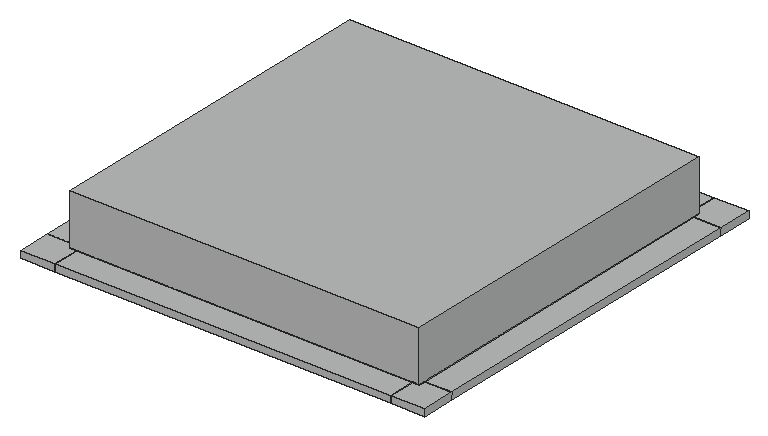
Revit family "ALUMOGIPS", category Осветительные приборы, Revit 2019 (continued)
Types (72, lengths in mm): name | Файл фотометрической сетки | built-in parameter 1150105 | Lumens | built-in parameter 1150106 | built-in parameter 1150142 | Wattage | Emit from Rectangle Width | Emit from Rectangle Length | Длина | Материал светильника | Ширина | ADSK_Ток | ADSK_Полная мощность | ADSK_Обозначение | ADSK_Номинальная мощность | ADSK_Наименование | ADSK_Масса | ADSK_Код изделия
  Alumogips-76/opal-sand 160х2305 (IP40, 4000К, белый) | "Светильник ALUMOGIPS-76 OPAL-SAND-(160x2300).IES" | 572.96 (stored number, unit not read) | 7200 lm | 5.7296 (stored number, unit not read) | "IESNA:LM-63-95\r\n[TEST] Протокол № 50-5\r\n[DATA]21.06.2016\r\n[MORE] \r\n[MANUFAC] ЗАО \"Центрстройсвет\"\r\n[LUMCAT]  Светильник ALUMOGIPS-76/OPAL-SAND-(160x2300)\r\n[LUMINAIRE]\r\n[LAMPCAT] Светодиоды\r\n[LAMP] Поток источника света (светодиодов) не известен\r\n[MORE] КСС приведена в абсолютных величинах кд\r\n[MORE] Вместо потока лампы, указан поток светильника.\r\nTILT=NONE\r\n1    7200 1.0 37 73 1 2 0.160 2.3 0.04\r\n1.0 1.0 76.6\r\n0.0 5.0 10.0 15.0 20.0 25.0 30.0 35.0 40.0 45.0 50.0 55.0 60.0 65.0 70.0 75.0 80.0 85.0 90.0 95.0 100.0 105.0 110.0 115.0 120.0 125.0 130.0 135.0 140.0 145.0 150.0 155.0 160.0 165.0 170.0 175.0 180.0\r\n0.0 5.0 10.0 15.0 20.0 25.0 30.0 35.0 40.0 45.0 50.0 55.0 60.0 65.0 70.0 75.0 80.0 85.0 90.0 95.0 100.0 105.0 110.0 115.0 120.0 125.0 130.0 135.0 140.0 145.0 150.0 155.0 160.0 165.0 170.0 175.0 180.0 185.0 190.0 195.0 200.0 205.0 210.0 215.0 220.0 225.0 230.0 235.0 240.0 245.0 250.0 255.0 260.0 265.0 270.0 275.0 280.0 285.0 290.0 295.0 300.0 305.0 310.0 315.0 320.0 325.0 330.0 335.0 340.0 345.0 350.0 355.0 360.0\r\n3405.6 3374.0 3369.6 3263.0 3188.3 3029.4 2777.5 2366.1 1845.1 1399.4 1065.5 805.3 609.9 450.2 323.1 240.5 163.0 73.4 7.8 0.0 0.0 0.0 0.0 0.0 0.0 0.0 0.0 0.0 0.0 0.0 0.0 0.0 0.0 0.0 0.0 0.0 0.0\r\n3405.6 3374.4 3379.9 3270.2 3198.2 3029.5 2790.9 2373.8 1854.9 1408.8 1072.8 809.5 619.4 453.6 327.0 242.6 164.9 74.0 8.4 0.0 0.0 0.0 0.0 0.0 0.0 0.0 0.0 0.0 0.0 0.0 0.0 0.0 0.0 0.0 0.0 0.0 0.0\r\n3405.6 3375.2 3384.5 3272.8 3199.0 3042.1 2776.0 2384.3 1886.5 1440.1 1094.4 832.2 628.9 457.0 331.8 247.4 169.1 74.3 8.8 0.0 0.0 0.0 0.0 0.0 0.0 0.0 0.0 0.0 0.0 0.0 0.0 0.0 0.0 0.0 0.0 0.0 0.0\r\n3405.6 3375.0 3385.9 3275.2 3180.8 3049.6 2793.5 2392.3 1915.8 1470.0 1127.9 857.8 642.3 462.7 335.0 254.7 174.5 74.9 9.2 0.0 0.0 0.0 0.0 0.0 0.0 0.0 0.0 0.0 0.0 0.0 0.0 0.0 0.0 0.0 0.0 0.0 0.0\r\n3405.6 3374.4 3376.0 3292.1 3177.6 3057.0 2812.9 2421.6 1960.5 1511.4 1168.9 901.6 665.7 470.6 339.0 258.2 176.2 78.1 9.6 0.0 0.0 0.0 0.0 0.0 0.0 0.0 0.0 0.0 0.0 0.0 0.0 0.0 0.0 0.0 0.0 0.0 0.0\r\n3405.6 3373.8 3358.9 3308.4 3174.1 3065.8 2824.7 2463.6 1997.6 1559.8 1217.5 938.4 690.8 482.6 342.3 252.9 177.1 79.1 10.0 0.0 0.0 0.0 0.0 0.0 0.0 0.0 0.0 0.0 0.0 0.0 0.0 0.0 0.0 0.0 0.0 0.0 0.0\r\n3405.6 3373.0 3345.2 3319.4 3197.2 3056.4 2836.9 2491.8 2046.7 1623.7 1269.0 987.0 723.9 501.1 345.5 251.9 178.8 81.4 10.7 0.0 0.0 0.0 0.0 0.0 0.0 0.0 0.0 0.0 0.0 0.0 0.0 0.0 0.0 0.0 0.0 0.0 0.0\r\n3405.6 3372.8 3343.6 3313.9 3208.1 3060.1 2841.4 2505.7 2088.6 1684.6 1324.2 1035.9 758.8 529.1 355.0 255.6 175.0 83.9 10.4 0.0 0.0 0.0 0.0 0.0 0.0 0.0 0.0 0.0 0.0 0.0 0.0 0.0 0.0 0.0 0.0 0.0 0.0\r\n3405.6 3375.3 3339.6 3304.4 3206.2 3085.6 2869.6 2552.3 2131.6 1731.3 1375.7 1080.9 800.2 556.1 372.5 257.7 168.0 87.1 10.7 0.0 0.0 0.0 0.0 0.0 0.0 0.0 0.0 0.0 0.0 0.0 0.0 0.0 0.0 0.0 0.0 0.0 0.0\r\n3405.6 3379.9 3338.3 3292.8 3199.2 3098.4 2883.0 2571.7 2179.2 1786.3 1435.5 1124.5 850.7 583.1 389.7 258.5 168.5 87.0 10.9 0.0 0.0 0.0 0.0 0.0 0.0 0.0 0.0 0.0 0.0 0.0 0.0 0.0 0.0 0.0 0.0 0.0 0.0\r\n3405.6 3384.6 3346.1 3286.5 3185.6 3081.2 2891.4 2590.2 2203.4 1830.5 1478.0 1169.5 878.2 609.2 406.7 266.0 166.9 86.8 10.1 0.0 0.0 0.0 0.0 0.0 0.0 0.0 0.0 0.0 0.0 0.0 0.0 0.0 0.0 0.0 0.0 0.0 0.0\r\n3405.6 3389.3 3362.5 3302.2 3211.6 3103.8 2908.8 2612.3 2251.7 1865.5 1519.4 1209.0 904.8 631.5 424.9 275.5 172.1 88.7 9.7 0.0 0.0 0.0 0.0 0.0 0.0 0.0 0.0 0.0 0.0 0.0 0.0 0.0 0.0 0.0 0.0 0.0 0.0\r\n3405.6 3394.3 3376.4 3293.5 3225.1 3102.4 2926.3 2644.9 2263.0 1896.0 1540.0 1225.2 919.2 646.4 442.6 292.2 179.1 88.4 9.9 0.0 0.0 0.0 0.0 0.0 0.0 0.0 0.0 0.0 0.0 0.0 0.0 0.0 0.0 0.0 0.0 0.0 0.0\r\n3405.6 3398.8 3384.9 3300.0 3226.2 3100.8 2928.0 2664.6 2289.0 1909.4 1550.4 1212.0 922.9 675.4 458.3 310.1 194.1 88.9 11.3 0.0 0.0 0.0 0.0 0.0 0.0 0.0 0.0 0.0 0.0 0.0 0.0 0.0 0.0 0.0 0.0 0.0 0.0\r\n3405.6 3403.8 3394.9 3300.1 3225.5 3082.0 2938.5 2679.7 2327.5 1917.2 1530.2 1177.9 905.7 682.8 470.6 323.4 215.2 95.6 9.9 0.0 0.0 0.0 0.0 0.0 0.0 0.0 0.0 0.0 0.0 0.0 0.0 0.0 0.0 0.0 0.0 0.0 0.0\r\n3405.6 3408.6 3386.4 3281.5 3213.7 3107.8 2945.4 2709.1 2357.5 1918.9 1499.2 1156.9 877.4 666.2 480.4 331.1 218.7 104.4 9.1 0.0 0.0 0.0 0.0 0.0 0.0 0.0 0.0 0.0 0.0 0.0 0.0 0.0 0.0 0.0 0.0 0.0 0.0\r\n3405.6 3410.6 3376.7 3285.0 3209.0 3098.5 2954.5 2719.8 2377.6 1921.2 1487.0 1128.4 854.9 640.0 464.7 329.7 219.2 105.6 11.0 0.0 0.0 0.0 0.0 0.0 0.0 0.0 0.0 0.0 0.0 0.0 0.0 0.0 0.0 0.0 0.0 0.0 0.0\r\n3405.6 3408.1 3366.0 3292.6 3209.8 3093.5 2949.2 2722.9 2395.0 1920.1 1488.3 1116.0 836.4 617.7 446.4 316.9 220.4 109.7 8.9 0.0 0.0 0.0 0.0 0.0 0.0 0.0 0.0 0.0 0.0 0.0 0.0 0.0 0.0 0.0 0.0 0.0 0.0\r\n3405.6 3402.7 3350.0 3304.7 3206.6 3058.9 2911.8 2690.5 2351.9 1903.0 1462.1 1104.8 832.1 611.9 438.5 311.8 216.6 107.1 8.8 0.0 0.0 0.0 0.0 0.0 0.0 0.0 0.0 0.0 0.0 0.0 0.0 0.0 0.0 0.0 0.0 0.0 0.0\r\n3405.6 3397.5 3348.8 3317.6 3208.2 3050.9 2880.6 2665.6 2330.9 1884.5 1458.1 1105.4 824.2 612.9 443.3 308.9 206.4 104.2 8.2 0.0 0.0 0.0 0.0 0.0 0.0 0.0 0.0 0.0 0.0 0.0 0.0 0.0 0.0 0.0 0.0 0.0 0.0\r\n3405.6 3393.4 3347.1 3314.7 3205.9 3062.3 2894.5 2664.4 2318.3 1892.3 1482.3 1121.5 836.2 626.4 450.4 309.2 202.6 99.9 7.6 0.0 0.0 0.0 0.0 0.0 0.0 0.0 0.0 0.0 0.0 0.0 0.0 0.0 0.0 0.0 0.0 0.0 0.0\r\n3405.6 3389.0 3353.8 3306.8 3191.0 3067.8 2890.7 2623.7 2273.8 1883.9 1482.8 1137.7 858.8 637.9 451.4 307.0 196.3 94.9 5.3 0.0 0.0 0.0 0.0 0.0 0.0 0.0 0.0 0.0 0.0 0.0 0.0 0.0 0.0 0.0 0.0 0.0 0.0\r\n3405.6 3385.8 3363.6 3284.5 3190.2 3052.2 2867.0 2603.7 2234.7 1868.2 1486.7 1153.6 873.6 630.9 431.5 292.6 192.4 88.6 3.7 0.0 0.1 0.0 0.0 0.0 0.0 0.0 0.0 0.0 0.0 0.0 0.0 0.0 0.0 0.0 0.0 0.0 0.0\r\n3405.6 3384.7 3368.2 3275.4 3191.3 3027.7 2848.8 2554.0 2194.9 1820.0 1488.1 1166.5 864.2 606.8 408.2 280.2 175.2 81.6 3.0 0.0 0.0 0.0 0.0 0.0 0.0 0.0 0.0 0.0 0.0 0.0 0.0 0.0 0.0 0.0 0.0 0.0 0.0\r\n3405.6 3384.8 3378.5 3286.4 3189.7 3022.3 2833.9 2516.5 2136.9 1793.4 1469.5 1158.8 841.3 573.2 384.8 263.2 159.9 79.3 2.3 0.0 0.0 0.0 0.0 0.0 0.0 0.0 0.0 0.0 0.0 0.0 0.0 0.0 0.0 0.0 0.0 0.0 0.0\r\n3405.6 3385.1 3380.7 3277.4 3186.3 3025.2 2795.8 2474.4 2098.7 1759.6 1435.7 1121.3 817.3 544.5 365.0 244.9 152.2 74.4 1.3 0.0 0.0 0.0 0.0 0.0 0.0 0.0 0.0 0.0 0.0 0.0 0.0 0.0 0.0 0.0 0.0 0.0 0.0\r\n3405.6 3385.7 3379.5 3270.4 3188.1 3012.0 2777.6 2434.0 2067.6 1704.2 1382.0 1070.1 786.0 522.6 351.5 231.7 152.4 65.6 0.6 0.0 0.0 0.0 0.0 0.0 0.0 0.0 0.0 0.0 0.0 0.0 0.0 0.0 0.0 0.0 0.0 0.0 0.0\r\n3405.6 3386.0 3376.9 3263.0 3160.9 3007.9 2751.4 2393.6 2021.0 1665.4 1317.2 1023.3 746.3 501.3 336.3 231.8 146.1 59.9 0.4 0.0 0.0 0.0 0.0 0.0 0.0 0.0 0.0 0.0 0.0 0.0 0.0 0.0 0.0 0.0 0.0 0.0 0.0\r\n3405.6 3384.9 3366.1 3253.7 3170.8 2993.7 2732.7 2368.9 1968.1 1602.0 1254.2 973.1 694.2 478.2 324.9 229.6 146.4 57.0 0.4 0.0 0.0 0.0 0.0 0.0 0.0 0.0 0.0 0.0 0.0 0.0 0.0 0.0 0.0 0.0 0.0 0.0 0.0\r\n3405.6 3382.6 3357.8 3257.4 3163.3 2994.3 2702.7 2336.5 1915.3 1530.9 1200.5 923.8 649.6 455.6 313.7 233.1 145.7 54.4 0.2 0.0 0.0 0.0 0.0 0.0 0.0 0.0 0.0 0.0 0.0 0.0 0.0 0.0 0.0 0.0 0.0 0.0 0.0\r\n3405.6 3380.7 3356.6 3258.4 3159.0 2982.6 2691.5 2294.1 1868.3 1466.2 1148.0 872.1 619.3 435.2 305.9 234.1 146.9 49.7 0.1 0.0 0.0 0.0 0.0 0.0 0.0 0.0 0.0 0.0 0.0 0.0 0.0 0.0 0.0 0.0 0.0 0.0 0.0\r\n3405.6 3380.2 3362.4 3257.2 3157.7 2959.7 2678.8 2269.4 1815.3 1403.1 1103.0 832.5 590.3 414.5 305.4 230.7 143.9 45.9 0.1 0.0 0.0 0.0 0.0 0.0 0.0 0.0 0.0 0.0 0.0 0.0 0.0 0.0 0.0 0.0 0.0 0.0 0.0\r\n3405.6 3380.5 3369.8 3257.8 3138.3 2951.0 2656.0 2239.6 1762.6 1363.8 1057.8 797.2 573.0 401.9 302.8 233.9 140.7 44.8 0.0 0.0 0.0 0.0 0.0 0.0 0.0 0.0 0.0 0.0 0.0 0.0 0.0 0.0 0.0 0.0 0.0 0.0 0.0\r\n3405.6 3379.5 3365.6 3260.4 3137.5 2949.1 2644.6 2207.8 1716.8 1327.0 1024.7 771.4 557.0 393.1 299.3 232.1 139.2 42.6 0.0 0.0 0.0 0.0 0.0 0.0 0.0 0.0 0.0 0.0 0.0 0.0 0.0 0.0 0.0 0.0 0.0 0.0 0.0\r\n3405.6 3376.0 3364.9 3251.5 3153.0 2948.3 2638.0 2188.2 1691.6 1292.8 994.4 750.2 551.7 390.4 295.1 229.1 137.2 41.5 0.0 0.0 0.0 0.0 0.0 0.0 0.0 0.0 0.0 0.0 0.0 0.0 0.0 0.0 0.0 0.0 0.0 0.0 0.0\r\n3405.6 3370.8 3357.6 3249.3 3149.7 2936.4 2617.0 2159.9 1666.8 1272.2 975.6 735.3 545.3 390.5 291.2 226.7 136.0 40.9 0.0 0.0 0.0 0.0 0.0 0.0 0.0 0.0 0.0 0.0 0.0 0.0 0.0 0.0 0.0 0.0 0.0 0.0 0.0\r\n3405.6 3367.3 3346.1 3241.8 3134.2 2934.5 2612.2 2158.6 1652.8 1266.3 962.9 724.9 539.6 390.2 293.3 227.8 135.2 40.4 0.0 0.0 0.0 0.0 0.0 0.0 0.0 0.0 0.0 0.0 0.0 0.0 0.0 0.0 0.0 0.0 0.0 0.0 0.0\r\n3405.6 3368.2 3337.0 3237.8 3138.6 2954.7 2622.9 2162.1 1655.6 1265.9 963.0 724.8 536.8 391.2 297.0 230.5 136.7 39.8 0.0 0.0 0.0 0.0 0.0 0.0 0.0 0.0 0.0 0.0 0.0 0.0 0.0 0.0 0.0 0.0 0.0 0.0 0.0\r\n3405.6 3372.2 3333.4 3246.8 3134.8 2934.1 2635.7 2167.6 1659.0 1285.6 977.2 727.6 536.3 392.1 302.7 235.0 140.3 39.7 0.0 0.0 0.0 0.0 0.0 0.0 0.0 0.0 0.0 0.0 0.0 0.0 0.0 0.0 0.0 0.0 0.0 0.0 0.0\r\n3405.6 3376.2 3321.9 3266.8 3125.0 2950.7 2642.3 2186.7 1691.6 1305.6 994.0 739.6 539.3 393.8 306.1 237.2 143.5 38.8 0.0 0.0 0.0 0.0 0.0 0.0 0.0 0.0 0.0 0.0 0.0 0.0 0.0 0.0 0.0 0.0 0.0 0.0 0.0\r\n3405.6 3379.4 3316.7 3264.5 3130.8 2944.5 2649.9 2215.4 1724.5 1336.3 1021.6 761.9 549.1 393.9 303.9 235.6 146.4 37.9 0.0 0.0 0.0 0.0 0.0 0.0 0.0 0.0 0.0 0.0 0.0 0.0 0.0 0.0 0.0 0.0 0.0 0.0 0.0\r\n3405.6 3383.0 3326.8 3246.1 3125.9 2947.4 2663.6 2233.9 1765.1 1371.0 1058.8 789.0 568.8 399.2 300.8 234.5 143.4 40.8 0.0 0.0 0.0 0.0 0.0 0.0 0.0 0.0 0.0 0.0 0.0 0.0 0.0 0.0 0.0 0.0 0.0 0.0 0.0\r\n3405.6 3386.5 3337.2 3241.5 3139.8 2952.5 2691.9 2271.1 1812.4 1412.5 1099.1 823.6 588.0 409.8 303.3 230.0 140.6 43.8 0.1 0.0 0.0 0.0 0.0 0.0 0.0 0.0 0.0 0.0 0.0 0.0 0.0 0.0 0.0 0.0 0.0 0.0 0.0\r\n3405.6 3388.5 3345.9 3222.1 3131.1 2960.1 2705.2 2312.9 1871.3 1466.1 1142.4 871.8 614.9 426.7 305.1 221.1 142.6 43.8 0.1 0.0 0.0 0.0 0.0 0.0 0.0 0.0 0.0 0.0 0.0 0.0 0.0 0.0 0.0 0.0 0.0 0.0 0.0\r\n3405.6 3389.0 3355.6 3233.4 3109.0 2966.0 2715.3 2353.2 1922.1 1520.6 1190.9 915.7 651.0 447.1 306.4 223.0 138.6 47.2 0.1 0.0 0.0 0.0 0.0 0.0 0.0 0.0 0.0 0.0 0.0 0.0 0.0 0.0 0.0 0.0 0.0 0.0 0.0\r\n3405.6 3389.3 3354.8 3251.9 3132.5 2965.2 2728.2 2393.1 1972.4 1582.9 1241.3 958.7 686.2 467.4 312.0 220.5 134.6 51.4 0.2 0.0 0.0 0.0 0.0 0.0 0.0 0.0 0.0 0.0 0.0 0.0 0.0 0.0 0.0 0.0 0.0 0.0 0.0\r\n3405.6 3389.4 3354.8 3266.4 3139.3 2973.1 2765.9 2430.8 2025.1 1635.6 1300.6 994.8 731.8 481.5 321.6 222.6 137.5 54.9 0.3 0.0 0.0 0.0 0.0 0.0 0.0 0.0 0.0 0.0 0.0 0.0 0.0 0.0 0.0 0.0 0.0 0.0 0.0\r\n3405.6 3388.8 3340.9 3260.4 3150.4 2987.7 2775.6 2458.4 2064.8 1696.3 1344.0 1038.6 756.8 499.3 332.2 230.0 143.6 58.5 0.4 0.0 0.0 0.0 0.0 0.0 0.0 0.0 0.0 0.0 0.0 0.0 0.0 0.0 0.0 0.0 0.0 0.0 0.0\r\n3405.6 3387.2 3322.6 3246.6 3126.8 2978.0 2792.4 2490.1 2122.6 1733.9 1378.4 1075.9 772.3 526.0 346.2 242.3 156.2 65.4 0.4 0.0 0.0 0.0 0.0 0.0 0.0 0.0 0.0 0.0 0.0 0.0 0.0 0.0 0.0 0.0 0.0 0.0 0.0\r\n3405.6 3383.9 3314.5 3234.8 3144.9 2988.4 2814.6 2529.8 2156.8 1772.6 1397.1 1083.5 790.8 540.3 368.4 260.2 167.1 74.2 0.8 0.0 0.0 0.0 0.0 0.0 0.0 0.0 0.0 0.0 0.0 0.0 0.0 0.0 0.0 0.0 0.0 0.0 0.0\r\n3405.6 3379.4 3310.9 3250.0 3156.3 3003.7 2817.4 2566.7 2194.6 1810.3 1409.3 1078.2 794.2 558.2 388.1 271.2 176.4 77.8 1.7 0.0 0.0 0.0 0.0 0.0 0.0 0.0 0.0 0.0 0.0 0.0 0.0 0.0 0.0 0.0 0.0 0.0 0.0\r\n3405.6 3375.3 3308.4 3270.0 3165.9 3011.6 2831.4 2587.5 2249.3 1834.2 1422.2 1057.9 777.0 567.9 398.1 276.8 185.1 81.8 2.2 0.0 0.0 0.0 0.0 0.0 0.0 0.0 0.0 0.0 0.0 0.0 0.0 0.0 0.0 0.0 0.0 0.0 0.0\r\n3405.6 3373.8 3313.7 3282.8 3148.7 3003.0 2850.3 2609.6 2283.3 1855.2 1420.9 1051.3 759.3 555.6 400.0 277.6 187.3 87.7 3.0 0.0 0.0 0.0 0.0 0.0 0.0 0.0 0.0 0.0 0.0 0.0 0.0 0.0 0.0 0.0 0.0 0.0 0.0\r\n3405.6 3375.3 3325.6 3277.7 3138.0 3009.7 2836.5 2602.2 2299.2 1863.9 1422.4 1034.9 741.8 546.2 395.1 275.0 184.8 89.1 3.7 0.0 0.0 0.0 0.0 0.0 0.0 0.0 0.0 0.0 0.0 0.0 0.0 0.0 0.0 0.0 0.0 0.0 0.0\r\n3405.6 3378.7 3333.0 3254.4 3140.4 3006.4 2816.0 2605.6 2308.4 1861.6 1416.4 1040.7 742.8 543.4 391.9 275.4 184.8 89.7 5.0 0.0 0.0 0.0 0.0 0.0 0.0 0.0 0.0 0.0 0.0 0.0 0.0 0.0 0.0 0.0 0.0 0.0 0.0\r\n3405.6 3381.8 3338.2 3252.6 3147.4 3018.7 2868.1 2644.9 2325.0 1884.7 1435.2 1041.6 753.1 552.0 396.6 279.4 191.2 93.5 7.2 0.0 0.0 0.0 0.0 0.0 0.0 0.0 0.0 0.0 0.0 0.0 0.0 0.0 0.0 0.0 0.0 0.0 0.0\r\n3405.6 3383.6 3341.0 3247.3 3160.9 3017.2 2875.2 2639.9 2319.2 1883.9 1448.4 1056.1 777.3 574.1 412.3 285.8 193.0 94.2 7.6 0.0 0.0 0.0 0.0 0.0 0.0 0.0 0.0 0.0 0.0 0.0 0.0 0.0 0.0 0.0 0.0 0.0 0.0\r\n3405.6 3385.6 3335.8 3252.4 3163.9 3026.7 2871.5 2623.0 2293.6 1872.2 1457.5 1078.2 800.0 592.4 417.5 285.6 189.6 89.8 8.5 0.0 0.0 0.0 0.0 0.0 0.0 0.0 0.0 0.0 0.0 0.0 0.0 0.0 0.0 0.0 0.0 0.0 0.0\r\n3405.6 3387.7 3330.1 3255.0 3151.5 3033.4 2858.5 2613.6 2262.7 1865.1 1462.5 1110.7 825.6 594.9 414.7 281.1 177.4 88.6 7.6 0.0 0.0 0.0 0.0 0.0 0.0 0.0 0.0 0.0 0.0 0.0 0.0 0.0 0.0 0.0 0.0 0.0 0.0\r\n3405.6 3388.5 3329.1 3265.5 3157.3 3037.6 2854.4 2610.4 2237.5 1847.7 1465.6 1129.5 840.9 593.9 397.0 267.4 172.4 85.2 7.3 0.0 0.0 0.0 0.0 0.0 0.0 0.0 0.0 0.0 0.0 0.0 0.0 0.0 0.0 0.0 0.0 0.0 0.0\r\n3405.6 3389.1 3323.8 3273.5 3158.4 3036.0 2845.8 2577.5 2210.5 1823.3 1444.2 1138.2 834.9 575.5 381.4 251.8 163.1 81.2 8.0 0.0 0.0 0.0 0.0 0.0 0.0 0.0 0.0 0.0 0.0 0.0 0.0 0.0 0.0 0.0 0.0 0.0 0.0\r\n3405.6 3389.2 3322.5 3281.9 3168.6 3032.2 2854.2 2564.0 2184.7 1793.3 1422.4 1119.0 826.7 559.9 366.4 247.8 153.3 78.0 7.8 0.0 0.0 0.0 0.0 0.0 0.0 0.0 0.0 0.0 0.0 0.0 0.0 0.0 0.0 0.0 0.0 0.0 0.0\r\n3405.6 3387.7 3319.8 3272.3 3157.1 3027.4 2839.9 2532.3 2158.3 1750.2 1392.4 1081.5 802.3 546.0 352.4 246.1 148.6 79.3 7.6 0.0 0.0 0.0 0.0 0.0 0.0 0.0 0.0 0.0 0.0 0.0 0.0 0.0 0.0 0.0 0.0 0.0 0.0\r\n3405.6 3384.8 3317.1 3274.3 3158.2 3032.9 2838.0 2521.5 2113.4 1696.6 1348.0 1045.7 770.8 522.2 349.8 236.5 152.8 76.4 7.8 0.0 0.0 0.0 0.0 0.0 0.0 0.0 0.0 0.0 0.0 0.0 0.0 0.0 0.0 0.0 0.0 0.0 0.0\r\n3405.6 3381.1 3321.0 3266.5 3167.4 3038.1 2831.5 2500.6 2076.3 1655.1 1303.1 1004.1 732.3 502.0 337.0 237.4 158.1 75.2 7.6 0.0 0.0 0.0 0.0 0.0 0.0 0.0 0.0 0.0 0.0 0.0 0.0 0.0 0.0 0.0 0.0 0.0 0.0\r\n3405.6 3377.7 3324.6 3277.8 3182.7 3030.1 2820.8 2478.2 2039.3 1602.2 1256.8 964.1 700.3 483.3 331.2 238.2 163.7 76.0 8.0 0.0 0.0 0.0 0.0 0.0 0.0 0.0 0.0 0.0 0.0 0.0 0.0 0.0 0.0 0.0 0.0 0.0 0.0\r\n3405.6 3375.5 3325.5 3283.5 3169.3 3022.5 2808.0 2454.8 2003.5 1553.8 1212.1 931.5 672.6 461.4 326.0 242.2 168.6 76.6 8.0 0.0 0.0 0.0 0.0 0.0 0.0 0.0 0.0 0.0 0.0 0.0 0.0 0.0 0.0 0.0 0.0 0.0 0.0\r\n3405.6 3374.9 3330.3 3288.1 3166.2 3028.8 2798.8 2423.7 1947.2 1509.3 1168.8 887.6 644.4 448.7 319.8 246.7 173.8 76.1 7.7 0.0 0.0 0.0 0.0 0.0 0.0 0.0 0.0 0.0 0.0 0.0 0.0 0.0 0.0 0.0 0.0 0.0 0.0\r\n3405.6 3375.8 3335.8 3292.2 3152.4 3030.8 2801.5 2407.5 1900.5 1466.9 1137.2 857.2 622.1 438.2 319.2 248.7 175.5 73.9 7.4 0.0 0.0 0.0 0.0 0.0 0.0 0.0 0.0 0.0 0.0 0.0 0.0 0.0 0.0 0.0 0.0 0.0 0.0\r\n3405.6 3377.0 3343.4 3285.9 3163.1 3043.0 2786.2 2383.5 1881.6 1436.0 1103.7 828.1 608.6 434.1 320.1 248.0 171.3 74.3 7.3 0.0 0.0 0.0 0.0 0.0 0.0 0.0 0.0 0.0 0.0 0.0 0.0 0.0 0.0 0.0 0.0 0.0 0.0\r\n3405.6 3376.7 3347.3 3271.5 3174.8 3037.8 2775.2 2372.1 1859.9 1414.7 1086.8 813.5 602.2 433.1 320.5 245.7 167.2 74.1 7.5 0.0 0.0 0.0 0.0 0.0 0.0 0.0 0.0 0.0 0.0 0.0 0.0 0.0 0.0 0.0 0.0 0.0 0.0\r\n3405.6 3375.1 3357.4 3255.8 3187.9 3040.3 2795.0 2366.4 1846.4 1401.0 1068.4 804.4 604.7 439.6 321.3 242.1 162.6 73.7 7.6 0.0 0.0 0.0 0.0 0.0 0.0 0.0 0.0 0.0 0.0 0.0 0.0 0.0 0.0 0.0 0.0 0.0 0.0\r\n3405.6 3374.0 3369.6 3263.0 3188.3 3029.4 2777.5 2366.1 1845.1 1399.4 1065.5 805.3 609.9 450.2 323.1 240.5 163.0 73.4 7.8 0.0 0.0 0.0 0.0 0.0 0.0 0.0 0.0 0.0 0.0 0.0 0.0 0.0 0.0 0.0 0.0 0.0 0.0\r\n" | 48.4712 W | 140 | 2285 | 2305 | RAL 9001 | 160 | 0.359168 A | 82.6087 VA | "Alumogips-76/opal-sand 160х2305 (IP40, 4000К, белый)" | 76 W 
    | "Встраиваемый светодиодный светильник Alumogips-76/opal-sand 160х2305 (IP40, 4000К, белый)" | 3 | "ЦБ000008084"
